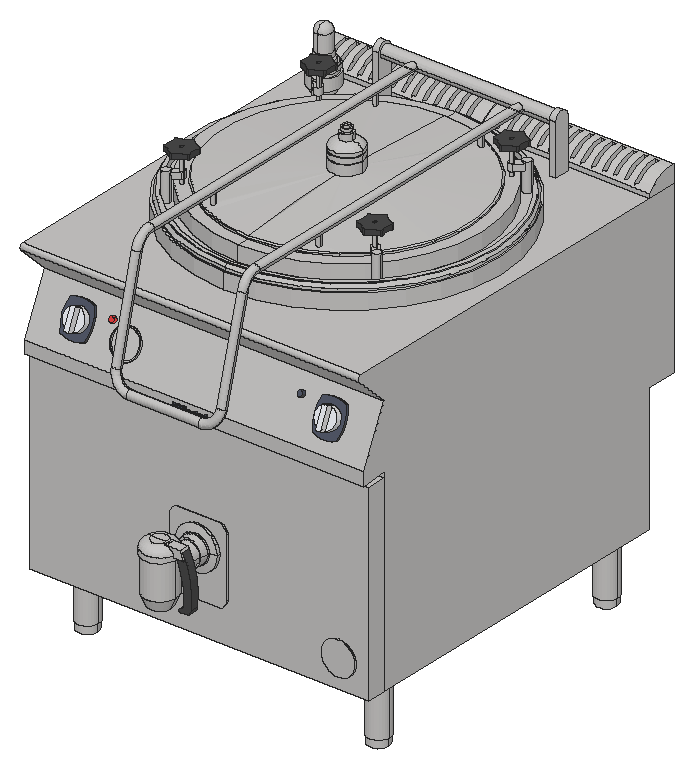
Revit family "QF_ELECTROLUXPROFESSIONAL_391108_E9BSGHDRFC", category Specialty Equipment, Revit 2018 (continued)
Automatic sketch dimensions
  plane 18 to Extrusion 30 sketch curve = 2.034 mm  (x2)
  Extrusion 30 sketch curve to Extrusion 30 sketch curve = 2.034 mm  (x2)
  Extrusion 30 sketch curve to Extrusion 30 sketch curve = 16.502 mm  (x4)
  Extrusion 30 sketch curve to plane 19 = 141.519 mm  (x2)
  Extrusion 30 sketch curve to Extrusion 30 sketch curve = 9.28 mm  (x2)
  Revolve 13 to Extrusion 31 sketch curve = 228.323 mm  (x2)
  Extrusion 31 sketch curve to Revolve 13 = 228.323 mm  (x2)
  Extrusion 31 sketch curve to Extrusion 31 sketch curve = 0 mm
  Extrusion 31 sketch curve to Extrusion 31 sketch curve = 404.139 mm  (x2)
  Extrusion 32 sketch curve to Extrusion 32 sketch curve = 0 mm  (x58)
  Extrusion 32 sketch curve to plane 12 = 22.767 mm  (x2)
  plane 17 to Extrusion 32 sketch curve = 25.788 mm  (x4)
  plane 17 to Extrusion 32 sketch curve = 8.933 mm  (x4)
  Extrusion 32 sketch curve to Extrusion 32 sketch curve = 2.05 mm  (x8)
  Extrusion 32 sketch curve to Extrusion 32 sketch curve = 2.922 mm  (x12)
  Extrusion 32 sketch curve to Extrusion 32 sketch curve = 0.873 mm  (x12)
  Extrusion 32 sketch curve to plane 17 = 16.667 mm  (x2)
  Extrusion 32 sketch curve to plane 17 = 18.605 mm  (x2)
  Extrusion 32 sketch curve to plane 17 = 18.637 mm  (x2)
  Extrusion 32 sketch curve to Extrusion 32 sketch curve = 2.063 mm  (x8)
  Extrusion 32 sketch curve to Extrusion 32 sketch curve = 2.031 mm  (x8)
  Extrusion 32 sketch curve to Extrusion 32 sketch curve = 4 mm  (x4)
  Extrusion 32 sketch curve to Extrusion 32 sketch curve = 22.678 mm  (x4)
  Extrusion 32 sketch curve to Extrusion 32 sketch curve = 44.393 mm
  Extrusion 32 sketch curve to plane 19 = 55.467 mm  (x2)
  Extrusion 32 sketch curve to Extrusion 32 sketch curve = 44.425 mm
  Extrusion 32 sketch curve to plane 18 = 113.578 mm  (x2)
  Extrusion 32 sketch curve to plane 18 = 67.123 mm  (x4)
  Extrusion 32 sketch curve to plane 18 = 50.268 mm  (x2)
  Extrusion 32 sketch curve to plane 18 = 24.667 mm  (x2)
  Extrusion 32 sketch curve to plane 18 = 22.73 mm  (x2)
  Extrusion 32 sketch curve to plane 18 = 22.698 mm  (x2)
  plane 18 to Extrusion 32 sketch curve = 6.011 mm  (x4)
  plane 18 to Extrusion 32 sketch curve = 25.788 mm  (x2)
  Extrusion 32 sketch curve to Extrusion 32 sketch curve = 47.449 mm  (x2)
  Extrusion 32 sketch curve to Extrusion 32 sketch curve = 15.403 mm  (x4)
  Extrusion 32 sketch curve to plane 8 "Center X" = 121.606 mm  (x2)
  Extrusion 32 sketch curve to Extrusion 32 sketch curve = 47.479 mm  (x2)
  Revolve 33 sketch curve to plane 7 "Center Y" = 0 mm  (x2)
  plane 7 "Center Y" to Revolve 33 sketch curve = 20.039 mm
  plane 7 "Center Y" to Revolve 33 sketch curve = 26.476 mm
  Revolve 33 sketch curve to Revolve 33 sketch curve = 17.448 mm
  Revolve 33 sketch curve to Revolve 33 sketch curve = 3.622 mm
  plane 9 "Base" to Revolve 33 sketch curve = 106.66 mm
  Revolve 33 sketch curve to Revolve 33 sketch curve = 9.34 mm
  Revolve 33 sketch curve to Revolve 33 sketch curve = 25 mm
  Revolve 33 sketch curve to Revolve 33 sketch curve = 83.963 mm
  Revolve 33 sketch curve to Revolve 33 sketch curve = 7.566 mm
  Revolve 33 sketch curve to Revolve 33 sketch curve = 12.044 mm
  Revolve 33 sketch curve to Revolve 33 sketch curve = 22.59 mm
  Extrusion 34 sketch curve to plane 17 = 99.149 mm
  Extrusion 34 sketch curve to Extrusion 34 sketch curve = 43.767 mm
  plane 7 "Center Y" to Extrusion 34 sketch curve = 38.183 mm
  plane 7 "Center Y" to Extrusion 34 sketch curve = 50.92 mm
  Extrusion 34 sketch curve to Extrusion 34 sketch curve = 3.423 mm
  Extrusion 34 sketch curve to Extrusion 34 sketch curve = 0 mm
  Extrusion 34 sketch curve to Extrusion 34 sketch curve = 0.693 mm
  Extrusion 34 sketch curve to Extrusion 34 sketch curve = 0.284 mm
  Extrusion 34 sketch curve to Extrusion 34 sketch curve = 22.359 mm
  Extrusion 34 sketch curve to Extrusion 34 sketch curve = 7.729 mm
  Extrusion 34 sketch curve to Extrusion 34 sketch curve = 8.743 mm
  Extrusion 34 sketch curve to Extrusion 34 sketch curve = 1.357 mm
  Extrusion 34 sketch curve to Extrusion 34 sketch curve = 9.852 mm
  plane 9 "Base" to Extrusion 34 sketch curve = 120.686 mm
  Extrusion 34 sketch curve to Extrusion 34 sketch curve = 2.347 mm
  Extrusion 34 sketch curve to Extrusion 34 sketch curve = 3.764 mm
  Extrusion 34 sketch curve to Extrusion 34 sketch curve = 0.821 mm
  plane 9 "Base" to Extrusion 34 sketch curve = 151.038 mm
  Extrusion 35 sketch curve to plane 7 "Center Y" = 9.756 mm
  plane 7 "Center Y" to Extrusion 35 sketch curve = 2.961 mm
  plane 7 "Center Y" to Extrusion 35 sketch curve = 15.663 mm
  Extrusion 35 sketch curve to Extrusion 35 sketch curve = 21.173 mm
  Extrusion 35 sketch curve to Extrusion 35 sketch curve = 19.905 mm
  Extrusion 35 sketch curve to Extrusion 35 sketch curve = 7.134 mm
  plane 9 "Base" to Extrusion 35 sketch curve = 220.162 mm
  Extrusion 35 sketch curve to Extrusion 35 sketch curve = 0.322 mm
  Extrusion 36 sketch curve to Extrusion 3 = 29 mm
  Revolve 37 sketch curve to plane 7 "Center Y" = 0 mm  (x2)
  plane 7 "Center Y" to Revolve 37 sketch curve = 6.853 mm
  plane 7 "Center Y" to Revolve 37 sketch curve = 9.619 mm
  plane 7 "Center Y" to Revolve 37 sketch curve = 10.424 mm
  Revolve 37 sketch curve to Revolve 37 sketch curve = 5 mm  (x5)
  plane 7 "Center Y" to Revolve 37 sketch curve = 26.874 mm
  Revolve 37 sketch curve to Revolve 37 sketch curve = 24.24 mm
  Revolve 37 sketch curve to Revolve 37 sketch curve = 0 mm  (x2)
  Revolve 37 sketch curve to Revolve 37 sketch curve = 2.21 mm  (x2)
  Revolve 37 sketch curve to Revolve 37 sketch curve = 10 mm
  plane 6 "TOP" to Revolve 37 sketch curve = 84.683 mm
  Revolve 37 sketch curve to Revolve 37 sketch curve = 16.26 mm
  Revolve 37 sketch curve to Revolve 37 sketch curve = 22.675 mm
  Revolve 37 sketch curve to Revolve 37 sketch curve = 2.956 mm  (x2)
  Revolve 37 sketch curve to Revolve 37 sketch curve = 4.59 mm
  Revolve 37 sketch curve to Revolve 37 sketch curve = 11.003 mm
  Revolve 37 sketch curve to Revolve 37 sketch curve = 7.062 mm
  Revolve 37 sketch curve to Revolve 37 sketch curve = 13.329 mm
  Revolve 37 sketch curve to Revolve 37 sketch curve = 2.791 mm
  plane 8 "Center X" to Revolve 38 sketch curve = 88.898 mm
  Revolve 38 sketch curve to plane 11 = 146.808 mm
  Revolve 38 sketch curve to Revolve 38 sketch curve = 5 mm
  Revolve 38 sketch curve to Revolve 38 sketch curve = 4.913 mm
  Revolve 38 sketch curve to Revolve 38 sketch curve = 13.837 mm
  Revolve 38 sketch curve to Revolve 38 sketch curve = 24.332 mm
  Revolve 38 sketch curve to Revolve 38 sketch curve = 29.332 mm
  Revolve 38 sketch curve to Revolve 38 sketch curve = 2.777 mm  (x2)
  Revolve 38 sketch curve to Revolve 38 sketch curve = 288.723 mm
  Revolve 38 sketch curve to Revolve 38 sketch curve = 0 mm
  Revolve 38 sketch curve to Revolve 38 sketch curve = 2509.206 mm
  Revolve 38 sketch curve to Revolve 38 sketch curve = 37.198 mm
  Revolve 38 sketch curve to Revolve 38 sketch curve = 1.927 mm
  Revolve 38 sketch curve to Revolve 38 sketch curve = 40.825 mm
  Revolve 38 sketch curve to Revolve 38 sketch curve = 5.725 mm
  Revolve 38 sketch curve to Revolve 38 sketch curve = 8.509 mm
  Revolve 38 sketch curve to Revolve 38 sketch curve = 1.804 mm
  Revolve 38 sketch curve to Revolve 38 sketch curve = 35.657 mm
  Revolve 38 sketch curve to Revolve 38 sketch curve = 3.37 mm
  Revolve 38 sketch curve to Revolve 38 sketch curve = 6.257 mm
  Extrusion 39 sketch curve to plane 17 = 124.074 mm  (x2)
  Extrusion 39 sketch curve to plane 18 = 124.074 mm  (x2)
  Extrusion 39 sketch curve to Extrusion 39 sketch curve = 0 mm  (x2)
  Extrusion 39 sketch curve to Extrusion 39 sketch curve = 478.257 mm
  Revolve 40 sketch curve to plane 7 "Center Y" = 0 mm  (x2)
  plane 7 "Center Y" to Revolve 40 sketch curve = 6.853 mm
  plane 7 "Center Y" to Revolve 40 sketch curve = 9.619 mm
  plane 7 "Center Y" to Revolve 40 sketch curve = 10.424 mm
  Revolve 40 sketch curve to Revolve 40 sketch curve = 5 mm  (x5)
  plane 7 "Center Y" to Revolve 40 sketch curve = 26.874 mm
  Revolve 40 sketch curve to Revolve 40 sketch curve = 24.24 mm
  Revolve 40 sketch curve to Revolve 40 sketch curve = 0 mm  (x2)
  Revolve 40 sketch curve to Revolve 40 sketch curve = 2.21 mm  (x2)
  Revolve 40 sketch curve to Revolve 40 sketch curve = 10 mm
  Revolve 40 sketch curve to Revolve 40 sketch curve = 16.26 mm
  Revolve 40 sketch curve to Revolve 40 sketch curve = 22.675 mm
  Revolve 40 sketch curve to Revolve 40 sketch curve = 2.956 mm  (x2)
  Revolve 40 sketch curve to Revolve 40 sketch curve = 4.59 mm
  Revolve 40 sketch curve to Revolve 40 sketch curve = 11.003 mm
  Revolve 40 sketch curve to Revolve 40 sketch curve = 7.062 mm
  Revolve 40 sketch curve to Revolve 40 sketch curve = 13.329 mm
  Revolve 40 sketch curve to Revolve 40 sketch curve = 2.791 mm
  Sweep 41 sketch curve to profile plane = 0 mm  (x2)
  Sweep 42 sketch curve to profile plane = 0 mm  (x2)
  Revolve 43 sketch curve to plane 9 "Base" = 0 mm  (x2)
  Revolve 43 sketch curve to level = 0 mm
  Revolve 43 sketch curve to plane 13 = 0 mm  (x2)
  Revolve 43 sketch curve to plane 14 = 21.9 mm
  Revolve 43 sketch curve to Revolve 43 sketch curve = 2.5 mm
  Revolve 43 sketch curve to Revolve 43 sketch curve = 20 mm
  level to Revolve 43 sketch curve = 19.05 mm
  Revolve 44 sketch curve to plane 9 "Base" = 0 mm  (x2)
  Revolve 44 sketch curve to level = 0 mm
  Revolve 44 sketch curve to plane 13 = 0 mm  (x2)
  Revolve 44 sketch curve to plane 14 = 21.9 mm
  Revolve 44 sketch curve to Revolve 44 sketch curve = 2.5 mm
  Revolve 44 sketch curve to Revolve 44 sketch curve = 20 mm
  level to Revolve 44 sketch curve = 19.05 mm
  plane 20 to curve 252 = 28 mm
  plane 20 to curve 251 = 2.273 mm
  plane 20 to curve 246 = 2.273 mm
  curve 245 to plane 20 = 8.418 mm
  curve 250 to plane 20 = 8.418 mm
  curve 255 to plane 20 = 15.168 mm
  curve 250 to curve 249 = 9.667 mm
  curve 230 to curve 248 = 8.036 mm
  plane 20 to Extrusion 3 sketch curve = 55.613 mm
  Extrusion 3 sketch curve to Extrusion 3 sketch curve = 45.814 mm
  Revolve 13 sketch curve to plane 20 = 47.277 mm
  Revolve 13 sketch curve to plane 20 = 15.168 mm
  plane 20 to Revolve 13 sketch curve = 9.163 mm
  plane 20 to Revolve 13 sketch curve = 28 mm
  Extrusion 18 sketch curve to plane 20 = 97.372 mm  (x2)
  Extrusion 30 sketch curve to plane 20 = 140.045 mm  (x2)
  curve 200 to curve 257 = 0.996 mm
  radius of Extrusion 6 sketch curve = 40 mm
  radius of Extrusion 6 sketch curve = 20 mm
  radius of Extrusion 8 sketch curve = 25.4 mm  (x2)
  radius of Extrusion 9 sketch curve to Extrusion 8 = 0 mm  (x4)
  radius of Extrusion 10 sketch curve = 6.35 mm
  radius of Extrusion 11 sketch curve = 6.35 mm
  radius of Extrusion 18 sketch curve = 5 mm  (x4)
  radius of Extrusion 19 sketch curve = 6.35 mm
  radius of Extrusion 20 sketch curve = 6.35 mm
  radius of Extrusion 21 sketch curve = 9.5 mm  (x2)
  radius of Extrusion 24 sketch curve = 15 mm
  radius of Extrusion 26 sketch curve = 35 mm
  radius of Extrusion 27 sketch curve to Extrusion 26 = 2 mm
  radius of Split face 1 sketch curve to Extrusion 27 = 30.65 mm  (x2)
  radius of Extrusion 29 sketch curve = 9.5 mm  (x4)
  radius of Extrusion 31 sketch curve = 4 mm  (x4)
  radius of Extrusion 36 sketch curve = 4 mm
  radius of Extrusion 39 sketch curve = 5 mm  (x4)
  radius of Sweep 41 sketch curve = 9.5 mm
  radius of Sweep 42 sketch curve = 9.5 mm
Connectors
  electrical at (729, -721, 137), driven by "Volts", driven by "Watts"
    settings: on Extrusion 20, index 1, voltage 230 V, apparent load 0 VA, apparent load phase1 0 VA, apparent load phase2 0 VA, apparent load phase3 0 VA, power factor 1, load classification "Other", number of poles 1, system type 30, power factor state 1, is connector primary yes, connector utility no, sub classification motor no, connector description "ELECTRICAL CONNECTION"
  piping at (746, -655, 137), diameter 12.8
    settings: on Extrusion 19, index 2, connector inside diameter 0.50394", connector length 0 mm, flow factor 0, pipe flow 0 GPM, pressure drop 0.00 psi, fitting loss kfactor 0, connector angle 0.00°, fixture units 0, engagement length 0 mm, angle of deflection 0.00°, flow configuration 1, flow direction 1, fitting loss method 0, system type 7, joint type 0, gender type 0, connector reference index -1, connector utility 0, adjustable connector no, is connector primary yes, connector description "GAS CONNECTION"
  piping at (46, -646, 137), diameter 19
    settings: on Extrusion 21, index 3, connector inside diameter 0.74803", connector length 0 mm, flow factor 0, pipe flow 0 GPM, pressure drop 0.00 psi, fitting loss kfactor 0, connector angle 0.00°, fixture units 0, engagement length 0 mm, angle of deflection 0.00°, flow configuration 1, flow direction 1, fitting loss method 0, system type 19, joint type 0, gender type 0, connector reference index -1, connector utility 0, adjustable connector no, is connector primary no, connector description "HOT WATER INLET"
  piping at (46, -716, 137), diameter 19
    settings: on Extrusion 21, index 4, connector inside diameter 0.74803", connector length 0 mm, flow factor 0, pipe flow 0 GPM, pressure drop 0.00 psi, fitting loss kfactor 0, connector angle 0.00°, fixture units 0, engagement length 0 mm, angle of deflection 0.00°, flow configuration 1, flow direction 1, fitting loss method 0, system type 20, joint type 0, gender type 0, connector reference index -1, connector utility 0, adjustable connector no, is connector primary no, connector description "COLD WATER INLET"
